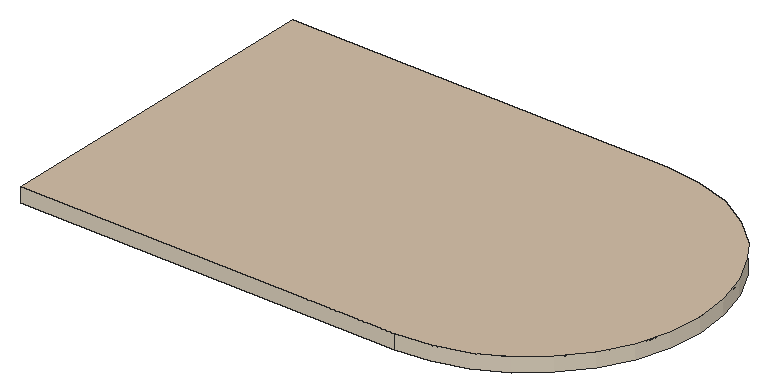
Revit family "6e741ff3a01f4b33bb1c8888a3d2c13d", category Furniture Systems, Revit 2021
Family settings
  Round Connector Dimension = Use Diameter
  Part Type = Normal
  OmniClass Number = 23.40.70.14.64.21
  OmniClass Title = Systems Furniture
  Work Plane-Based = No
  Always vertical = Yes
  Cut with Voids When Loaded = No
  Shared = No
  Room Calculation Point = No
Parameters (values of type "48" x 30"")
  Work Surface Material [instance] = Plastic Laminate - White Oak
  Type Comments = "48\" x 30\" Round End Work Surface"
  Thickness = 1 1/4"
  Width = 48"
  Model = ""
  Manufacturer = ""
  Height = 30"
  Edge Material [instance] = Plastic Laminate - Beige - Light - Smooth
  Description = ""
  Depth = 30"
  Default Elevation = 0"
Reference planes (in)
  plane 1 "Center F/B": y = 0
  plane 2: z = 0
  plane 3 "Center L/R": x = 0
  plane 4 "Front": y = -30
  plane 5 "Right": x = 48
  plane 6 "Top": z = 30
  plane 7 "Bottom": z = 28.75
  plane 8: x = 33
  plane 9: x = 18
  plane 10: y = -15
Forms (in)
  Extrusion 1, solid, material "Plastic Laminate - White Oak" <- "Work Surface Material"
    sketch origin (0, 0, 0) x (1, 0, 0) y (0, 1, 0)
      loop
        line (0, 0) -> (0, -30) -> (33, -30)
        arc (33, -30) -> (48, -15) -> (33, 0) r 15
        line (33, 0) -> (0, 0)
    from 28.75 to 30
Lines and regions (in)
  Masking region 1
    outline origin (0, 0, 0) x (1, 0, 0) y (0, 1, 0)
      loop
        line (0, 0) -> (0, -30) -> (33, -30)
        arc (33, -30) -> (48, -15) -> (33, 0) r 15
        line (33, 0) -> (0, 0)
Dimensions and locks (in)
  "Width": plane 3 "Center L/R" to plane 5 "Right"
  "Depth": plane 4 "Front" to plane 1 "Center F/B"
  "Thickness": plane 6 "Top" to plane 7 "Bottom"
  "Depth": plane 9 to plane 5 "Right"
  equal spacing: plane 9, plane 8, plane 5 "Right"
  equal spacing: plane 4 "Front", plane 10, plane 1 "Center F/B"
  "Height": plane 6 "Top" to plane 2
  aligned and locked: plane 1 "Center F/B" to Extrusion 1 sketch curve
  aligned and locked: plane 4 "Front" to Extrusion 1 sketch curve
  aligned and locked: plane 3 "Center L/R" to Extrusion 1 sketch curve
  aligned and locked: level to plane 2
  aligned and locked: plane 6 "Top" to Extrusion 1
  aligned and locked: plane 7 "Bottom" to Extrusion 1
  aligned and locked: plane 3 "Center L/R" to Masking region 1 sketch curve
  aligned and locked: plane 4 "Front" to Masking region 1 sketch curve
  aligned and locked: plane 1 "Center F/B" to Masking region 1 sketch curve
  aligned and locked: plane 8 to Masking region 1 sketch curve  (x3)
  aligned and locked: plane 10 to Masking region 1 sketch curve
  aligned and locked: plane 8 to Extrusion 1 sketch curve  (x2)
